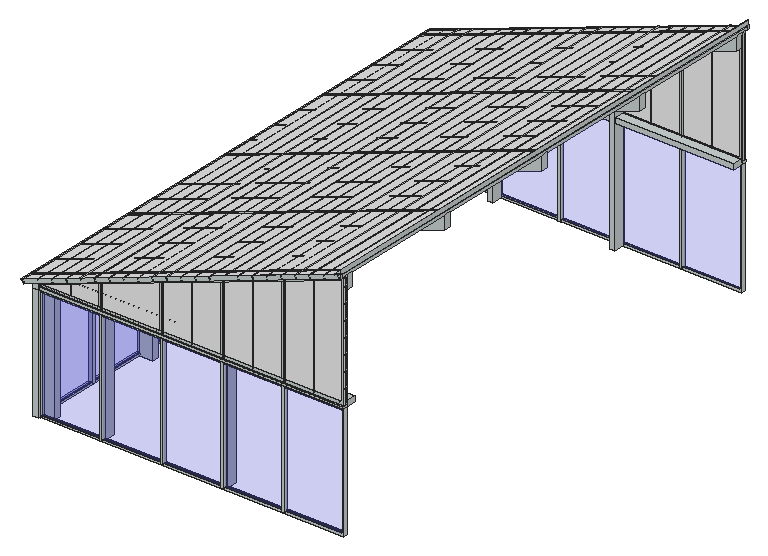
Revit family "Lean-To Shed Enclosure", category Generic Models, Revit 2018 (continued)
Definition of nested family "Lean-To Shed Enclosure Front Wall Panels"
  Dimensions and locks (in)
    aligned and locked: plane 12 "Max Top PD" to Sweep 3 sketch curve  (x11)
    aligned and locked: Sweep 4 sketch curve to plane 67
    aligned and locked: Sweep 4 sketch curve to plane 68
    aligned and locked: Sweep 4 sketch curve to plane 69
    aligned and locked: Sweep 4 sketch curve to plane 70
    aligned and locked: Sweep 4 sketch curve to plane 71
    aligned and locked: Sweep 4 sketch curve to plane 72
    aligned and locked: Sweep 4 sketch curve to plane 73
    aligned and locked: Sweep 4 sketch curve to plane 74
    aligned and locked: Sweep 4 sketch curve to plane 75
    aligned and locked: Sweep 4 sketch curve to plane 76
    aligned and locked: Sweep 4 sketch curve to plane 77
    aligned and locked: Sweep 4 sketch curve to plane 78
    aligned and locked: Sweep 4 sketch curve to plane 79
    aligned and locked: Sweep 4 sketch curve to plane 80
    aligned and locked: Sweep 4 sketch curve to plane 81
    aligned and locked: Sweep 4 sketch curve to plane 82
    aligned and locked: Sweep 4 sketch curve to plane 83
    aligned and locked: Sweep 4 sketch curve to plane 84
    aligned and locked: Sweep 4 sketch curve to plane 85
    aligned and locked: Sweep 4 sketch curve to plane 86
    aligned and locked: Sweep 4 sketch curve to plane 87
    aligned and locked: Sweep 4 sketch curve to plane 88
    aligned and locked: Sweep 4 sketch curve to plane 89
    aligned and locked: Sweep 4 sketch curve to plane 90
    aligned and locked: Sweep 4 sketch curve to plane 91
    aligned and locked: Sweep 4 sketch curve to plane 92
    aligned and locked: Sweep 4 sketch curve to plane 93
    aligned and locked: Sweep 4 sketch curve to plane 94
    aligned and locked: Sweep 4 sketch curve to plane 95
    aligned and locked: Sweep 4 sketch curve to plane 96
    aligned and locked: Sweep 4 sketch curve to plane 97
    aligned and locked: Sweep 4 sketch curve to plane 98
    aligned and locked: Sweep 4 sketch curve to plane 99
    aligned and locked: Sweep 4 sketch curve to plane 100
    aligned and locked: Sweep 4 sketch curve to plane 101
    aligned and locked: Sweep 3 sketch curve to plane 102
    aligned and locked: Sweep 3 sketch curve to plane 103
    aligned and locked: Sweep 3 sketch curve to plane 104
    aligned and locked: Sweep 3 sketch curve to plane 105
    aligned and locked: Sweep 3 sketch curve to plane 106
    aligned and locked: Sweep 3 sketch curve to plane 107
    aligned and locked: Sweep 3 sketch curve to plane 108
    aligned and locked: Sweep 3 sketch curve to plane 109
    aligned and locked: Sweep 3 sketch curve to plane 110
    aligned and locked: Sweep 3 sketch curve to plane 111
    aligned and locked: Sweep 3 sketch curve to plane 112
    aligned and locked: Sweep 3 sketch curve to plane 113
    aligned and locked: Sweep 3 sketch curve to plane 114
    aligned and locked: Sweep 3 sketch curve to plane 115
    aligned and locked: Sweep 3 sketch curve to plane 117
    aligned and locked: Sweep 3 sketch curve to plane 116
    aligned and locked: Sweep 3 sketch curve to plane 118
    aligned and locked: Sweep 3 sketch curve to plane 119
    aligned and locked: Sweep 3 sketch curve to plane 121
    aligned and locked: Sweep 3 sketch curve to plane 120
    aligned and locked: Sweep 3 sketch curve to plane 122
    aligned and locked: Sweep 3 sketch curve to plane 123
    aligned and locked: Sweep 3 sketch curve to plane 124
    aligned and locked: Sweep 3 sketch curve to plane 125
    aligned and locked: Sweep 4 sketch curve to plane 126
    aligned and locked: Sweep 4 sketch curve to plane 127
    aligned and locked: Sweep 4 sketch curve to plane 128
    aligned and locked: Sweep 4 sketch curve to plane 129
    aligned and locked: Sweep 4 sketch curve to plane 130
    aligned and locked: Sweep 4 sketch curve to plane 131
    aligned and locked: Sweep 4 sketch curve to plane 132
    aligned and locked: Sweep 4 sketch curve to plane 133
    aligned and locked: Sweep 4 sketch curve to plane 134
    aligned and locked: Sweep 4 sketch curve to plane 135
    aligned and locked: Sweep 4 sketch curve to plane 136
    aligned and locked: Sweep 4 sketch curve to plane 139
    aligned and locked: Sweep 4 sketch curve to plane 137
    aligned and locked: Sweep 4 sketch curve to plane 138
    aligned and locked: Sweep 4 sketch curve to plane 140
    aligned and locked: Sweep 4 sketch curve to plane 141
    aligned and locked: Sweep 4 sketch curve to plane 143
    aligned and locked: Sweep 4 sketch curve to plane 142
    aligned and locked: Sweep 4 sketch curve to plane 145
    aligned and locked: Sweep 4 sketch curve to plane 144
    aligned and locked: Sweep 4 sketch curve to plane 146
    aligned and locked: Sweep 4 sketch curve to plane 148
    aligned and locked: Sweep 4 sketch curve to plane 147
    aligned and locked: Sweep 4 sketch curve to plane 149
    aligned and locked: Sweep 4 sketch curve to plane 150
    aligned and locked: Sweep 4 sketch curve to plane 151
    aligned and locked: Sweep 4 sketch curve to plane 152
    aligned and locked: Sweep 4 sketch curve to plane 153
    aligned and locked: Sweep 4 sketch curve to plane 154
    aligned and locked: Sweep 4 sketch curve to plane 155
    aligned and locked: Sweep 4 sketch curve to plane 156
    aligned and locked: Sweep 4 sketch curve to plane 157
    aligned and locked: Sweep 4 sketch curve to plane 161
    aligned and locked: Sweep 4 sketch curve to plane 158
    aligned and locked: Sweep 4 sketch curve to plane 159
    aligned and locked: Sweep 4 sketch curve to plane 160
    aligned and locked: Sweep 3 sketch curve to plane 162
    aligned and locked: Sweep 3 sketch curve to plane 163
    aligned and locked: Sweep 3 sketch curve to plane 164
    aligned and locked: Sweep 3 sketch curve to plane 165
    aligned and locked: Sweep 3 sketch curve to plane 166
    aligned and locked: Sweep 3 sketch curve to plane 167
    aligned and locked: Sweep 3 sketch curve to plane 168
    aligned and locked: Sweep 3 sketch curve to plane 169
    aligned and locked: Sweep 3 sketch curve to plane 170
    aligned and locked: Sweep 3 sketch curve to plane 180
    aligned and locked: Sweep 3 sketch curve to plane 181
    aligned and locked: Sweep 3 sketch curve to plane 182
    aligned and locked: Sweep 3 sketch curve to plane 188
    aligned and locked: Sweep 3 sketch curve to plane 189
    aligned and locked: Sweep 3 sketch curve to plane 190
    aligned and locked: Sweep 3 sketch curve to plane 191
    aligned and locked: Sweep 3 sketch curve to plane 196
    aligned and locked: Sweep 3 sketch curve to plane 197
    aligned and locked: Sweep 3 sketch curve to plane 198
    aligned and locked: Sweep 3 sketch curve to plane 183
    aligned and locked: Sweep 3 sketch curve to plane 171
    aligned and locked: Sweep 3 sketch curve to plane 172
    aligned and locked: Sweep 3 sketch curve to plane 173
    aligned and locked: Sweep 3 sketch curve to plane 174
    aligned and locked: Sweep 3 sketch curve to plane 175
    aligned and locked: Sweep 3 sketch curve to plane 176
    aligned and locked: Sweep 3 sketch curve to plane 177
    aligned and locked: Sweep 3 sketch curve to plane 178
    aligned and locked: Sweep 3 sketch curve to plane 179
    aligned and locked: Sweep 3 sketch curve to plane 184
    aligned and locked: Sweep 3 sketch curve to plane 185
    aligned and locked: Sweep 3 sketch curve to plane 186
    aligned and locked: Sweep 3 sketch curve to plane 187
    aligned and locked: Sweep 3 sketch curve to plane 192
    aligned and locked: Sweep 3 sketch curve to plane 193
    aligned and locked: Sweep 3 sketch curve to plane 194
    aligned and locked: Sweep 3 sketch curve to plane 195
    aligned and locked: Sweep 3 sketch curve to plane 200
    aligned and locked: Sweep 3 sketch curve to plane 199
    aligned and locked: Sweep 3 sketch curve to plane 201
    aligned and locked: Extrusion 5 sketch curve to plane 202
    aligned and locked: Sweep 7 sketch curve to plane 13 "Max Left PD"
    aligned and locked: Sweep 7 sketch curve to plane 203
    aligned and locked: Sweep 7 sketch curve to plane 204
    aligned and locked: Sweep 7 sketch curve to plane 205
    aligned and locked: Sweep 7 sketch curve to plane 206
    aligned and locked: Sweep 7 sketch curve to plane 207
    aligned and locked: Sweep 7 sketch curve to plane 208
    aligned and locked: Sweep 7 sketch curve to plane 209
    aligned and locked: Sweep 7 sketch curve to plane 210
    aligned and locked: Sweep 7 sketch curve to plane 61 "Bot Max"  (x17)
    aligned and locked: Sweep 7 sketch curve to plane 12 "Max Top PD"  (x24)
    aligned and locked: Sweep 7 sketch curve to plane 59
    aligned and locked: plane 60 to Sweep 7 sketch curve
    aligned and locked: Sweep 7 sketch curve to plane 211
    aligned and locked: Sweep 7 sketch curve to plane 212
    aligned and locked: Sweep 7 sketch curve to plane 213
    aligned and locked: Sweep 7 sketch curve to plane 214
    aligned and locked: Sweep 7 sketch curve to plane 215
    aligned and locked: Sweep 7 sketch curve to plane 216
    aligned and locked: Sweep 7 sketch curve to plane 217
    aligned and locked: Sweep 7 sketch curve to plane 218
    aligned and locked: Sweep 7 sketch curve to plane 219
    aligned and locked: Sweep 7 sketch curve to plane 220
    aligned and locked: Sweep 7 sketch curve to plane 221
    aligned and locked: Sweep 7 sketch curve to plane 222
    aligned and locked: plane 61 "Bot Max" to Sweep 7 sketch curve  (x11)
    aligned and locked: Sweep 7 sketch curve to plane 223
    aligned and locked: Sweep 7 sketch curve to plane 224
    aligned and locked: Sweep 7 sketch curve to plane 225
    aligned and locked: Sweep 7 sketch curve to plane 226
    aligned and locked: Sweep 7 sketch curve to plane 227
    aligned and locked: Sweep 7 sketch curve to plane 14 "Max Right PD"
    aligned and locked: Sweep 7 sketch curve to plane 228
    aligned and locked: Extrusion 2 sketch curve to plane 1 "Center (Front/Back)"
    aligned and locked: Sweep 8 sketch curve to plane 1 "Center (Front/Back)"
    aligned and locked: Sweep 8 sketch curve to plane 202
    aligned and locked: Sweep 8 sketch curve to curve 1
    aligned and locked: Sweep 8 sketch curve to curve 2
    aligned and locked: Sweep 8 sketch curve to Sweep 8 sketch curve
    aligned and locked: Sweep 8 sketch curve to profile plane  (x2)
    aligned and locked: plane 8 to Sweep 8 sketch curve
    aligned and locked: Sweep 7 sketch curve to plane 191
    aligned and locked: plane 183 to Sweep 7 sketch curve
    aligned and locked: Sweep 7 sketch curve to plane 170
    aligned and locked: Sweep 7 sketch curve to plane 166
    aligned and locked: Sweep 7 sketch curve to plane 162
    aligned and locked: Sweep 7 sketch curve to plane 110
    aligned and locked: Sweep 7 sketch curve to plane 106
    aligned and locked: Sweep 7 sketch curve to plane 102
    aligned and locked: Sweep 7 sketch curve to plane 41
    aligned and locked: Sweep 7 sketch curve to plane 37
    aligned and locked: Sweep 7 sketch curve to plane 23
    aligned and locked: Sweep 7 sketch curve to plane 19
    aligned and locked: Sweep 7 sketch curve to plane 3 "Center (Left/Right)"
    aligned and locked: Sweep 7 sketch curve to plane 27
    aligned and locked: Sweep 7 sketch curve to plane 31
    aligned and locked: Sweep 7 sketch curve to plane 44
    aligned and locked: Sweep 7 sketch curve to plane 48
    aligned and locked: Sweep 7 sketch curve to plane 114
    aligned and locked: Sweep 7 sketch curve to plane 118
    aligned and locked: Sweep 7 sketch curve to plane 122
    aligned and locked: Sweep 7 sketch curve to plane 171
    aligned and locked: Sweep 7 sketch curve to plane 175
    aligned and locked: Sweep 7 sketch curve to plane 179
    aligned and locked: Sweep 7 sketch curve to plane 187
    aligned and locked: Sweep 7 sketch curve to plane 195
    aligned and locked: plane 12 "Max Top PD" to Sweep 7 sketch curve
  Automatic sketch dimensions
    Sweep 3 sketch curve to plane 111 = 0' - 0"
    plane 1 "Center (Front/Back)" to Extrusion 5 sketch curve = 0' - 1 3/4"  (x2)
    Sweep 7 sketch curve to plane 12 "Max Top PD" = 0' - 0"  (x2)
Definition of nested family "Lean-To Shed Enclosure Gable Glass"
  Parameters (values of type "Lean-To Shed Enclosure Gable Glass")
    Spacing [instance] = 4' - 0"
    Perimeter Width [instance] = 0' - 2 3/4"  # constant formula
    Mullion Width [instance] = 0' - 1 3/4"
    Low Height [instance] = 0' - 8"
    Overall Width [instance] = 25' - 10"
    Roof Pitch [instance] = 20.00°
    Glass Thickness [instance] = 0' - 0 5/8"  # constant formula
    Glass Offset [instance] = (Perimeter Width - Glass Thickness) / 2  # 0' - 1 1/16"
    Glass [instance] = none
    Default Elevation = 4' - 0"
    CRF [instance] = none
  Reference planes (in)
    plane 1 "Bottom Of Wall": y = 0
    plane 2 "In Perimeter": z = 0
    plane 3 "Right Side": x = 0
    plane 4 "Out Perimeter": z = 2.75
    plane 5: z = 1.0625
    plane 6: z = 1.6875
    plane 7 "Left Side": x = -310
    plane 8: y = 8
    plane 9: y = -48
    plane 10: y = -96
    plane 11: x = 48
    plane 12: y = 600
    plane 13: y = 648
    plane 14: x = -4000
    plane 15: x = -4048
    plane 16: x = -48
    plane 17: x = -96
    plane 18: x = -144
    plane 19: x = -192
    plane 20: x = -240
    plane 21: x = -288
    plane 22: x = -336
    plane 23: x = -384
    plane 24: x = -432
    plane 25: x = -480
    plane 26: x = -528
    plane 27: x = -576
    plane 28: x = -624
    plane 29: x = -672
    plane 30: x = -768
    plane 31: x = -864
    plane 32: x = -960
    plane 33: x = -1056
    plane 34: x = -1152
    plane 35: x = -1248
    plane 36: x = -1344
    plane 37: x = -1200
    plane 38: x = -1296
    plane 39: x = -1008
    plane 40: x = -1104
    plane 41: x = -912
    plane 42: x = -816
    plane 43: x = -720
    plane 44: x = -1392
    plane 45: x = -1440
    plane 46: x = -1488
    plane 47: x = -1584
    plane 48: x = -1632
    plane 49: x = -1536
    plane 50: x = -1728
    plane 51: x = -1680
    plane 52: x = -1776
    plane 53: x = -1824
    plane 54: x = -1920
    plane 55: x = -1872
    plane 56: x = -1968
    plane 57: x = -2016
    plane 58: x = -2064
    plane 59: x = -2112
    plane 60: x = -2208
    plane 61: x = -2160
    plane 62: x = -2256
    plane 63: x = -2304
    plane 64: x = -2352
    plane 65: x = -2400
    plane 66: x = -2448
    plane 67: x = -2496
    plane 68: x = -2544
    plane 69: x = -2640
    plane 70: x = -2736
    plane 71: x = -2688
    plane 72: x = -2592
    plane 73: x = -2784
    plane 74: z = 12
    plane 75: z = -12
  Forms (in)
    Sweep 1, solid, material <- "CRF"
      path origin (0, 0, 0) x (1, 0, 0) y (0, 1, 0)
        loop
          line (-48, -48) -> (-48, 600) -> (-96, 600) -> (-96, -48) -> (-144, -48) -> (-144, 600) -> (-192, 600) -> (-192, -48) -> (-240, -48) -> (-240, 600) -> (-288, 600) -> (-288, -48) -> (-336, -48) -> (-336, 600) -> (-384, 600) -> (-384, -48) -> (-432, -48) -> (-432, 600) -> (-480, 600) -> (-480, -48) -> (-528, -48) -> (-528, 600) -> (-576, 600) -> (-576, -48) -> (-624, -48) -> (-624, 600) -> (-672, 600) -> (-672, -48) -> (-720, -48) -> (-720, 600) -> (-768, 600) -> (-768, -48) -> (-816, -48) -> (-816, 600) -> (-864, 600) -> (-864, -48) -> (-912, -48) -> (-912, 600) -> (-960, 600) -> (-960, -48) -> (-1008, -48) -> (-1008, 600) -> (-1056, 600) -> (-1056, -48) -> (-1104, -48) -> (-1104, 600) -> (-1152, 600) -> (-1152, -48) -> (-1200, -48) -> (-1200, 600) -> (-1248, 600) -> (-1248, -48) -> (-1296, -48) -> (-1296, 600) -> (-1344, 600) -> (-1344, -48) -> (-1392, -48) -> (-1392, 600) -> (-1440, 600) -> (-1440, -48) -> (-1488, -48) -> (-1488, 600) -> (-1536, 600) -> (-1536, -48) -> (-1584, -48) -> (-1584, 600) -> (-1632, 600) -> (-1632, -48) -> (-1680, -48) -> (-1680, 600) -> (-1728, 600) -> (-1728, -48) -> (-1776, -48) -> (-1776, 600) -> (-1824, 600) -> (-1824, -48) -> (-1872, -48) -> (-1872, 600) -> (-1920, 600) -> (-1920, -48) -> (-1968, -48) -> (-1968, 600) -> (-2016, 600) -> (-2016, -48) -> (-2064, -48) -> (-2064, 600) -> (-2112, 600) -> (-2112, -48) -> (-2160, -48) -> (-2160, 600) -> (-2208, 600) -> (-2208, -48) -> (-2256, -48) -> (-2256, 600) -> (-2304, 600) -> (-2304, -48) -> (-2352, -48) -> (-2352, 600) -> (-2400, 600) -> (-2400, -48) -> (-2448, -48) -> (-2448, 600) -> (-2496, 600) -> (-2496, -48) -> (-2544, -48) -> (-2544, 600) -> (-2592, 600) -> (-2592, -48) -> (-2640, -48) -> (-2640, 600) -> (-2688, 600) -> (-2688, -48) -> (-2736, -48) -> (-2736, 600) -> (-2784, 600) -> (-2784, -48)
      profile origin (-48, 276, 0) x (-1, 0, 0) y (0, 0, 1)
        loop
          line (0.875, 0) -> (0.875, 2.75) -> (-0.875, 2.75) -> (-0.875, 0) -> (0.875, 0)
    Extrusion 2, solid, material <- "Glass"
      sketch origin (0, 0, 0) x (1, 0, 0) y (0, 1, 0)
        loop
          line (-4000, 600) -> (-4000, -48) -> (0, -48) -> (0, 600) -> (-4000, 600)
      from 1.0625 to 1.6875
    Extrusion 3, void
      sketch origin (0, 0, 0) x (1, 0, 0) y (0, 1, 0)
        loop
          line (48, -96) -> (48, 648) -> (-4048, 648) -> (-4048, -96) -> (48, -96)
        loop
          line (-310, 8) -> (-310, 0) -> (0, 0) -> (0, 120.83077) -> (-310, 8)
      from -12 to 12
    Sweep 4, solid, material <- "CRF"
      path origin (0, 0, 0) x (1, 0, 0) y (0, 1, 0)
        loop
          line (0, 120.83077) -> (-310, 8) -> (-310, 0) -> (0, 0) -> (0, 120.83077)
      profile origin (0, 60.41539, 0) x (1, 0, 0) y (0, 0, 1)
        loop
          line (0, 2.75) -> (-1.25, 2.75) -> (-1.25, 1.6875) -> (-0.5, 1.6875) -> (-0.5, 1.0625) -> (-1.25, 1.0625) -> (-1.25, 0) -> (0, 0) -> (0, 2.75)
  Cuts and joins
    Extrusion 3 cuts Sweep 1
    Extrusion 3 cuts Extrusion 2
  Lines and regions (in)
    reference lines
      curve 1: line (-310, 8, 0) -> (3117.99868, 1255.68948, 0)
  Dimensions and locks (in)
    plane 4 "Out Perimeter" to plane 2 "In Perimeter" = 0' - 2 3/4"
    "Glass Offset": plane 5 to plane 2 "In Perimeter"
    "Glass Offset": plane 6 to plane 4 "Out Perimeter"
    "Overall Width": plane 7 "Left Side" to plane 3 "Right Side"
    "Low Height": plane 1 "Bottom Of Wall" to plane 8
    locked: plane 8 to curve 1 at 0
    locked: plane 7 "Left Side" to curve 1 at 0
    locked: plane 1 "Bottom Of Wall" to plane 9 at 48
    locked: plane 9 to plane 10 at 48
    locked: plane 3 "Right Side" to plane 11 at 48
    locked: plane 1 "Bottom Of Wall" to plane 12 at 600
    locked: plane 13 to plane 12 at 48
    locked: plane 14 to plane 3 "Right Side" at 4000
    locked: plane 15 to plane 14 at 48
    "Spacing": plane 29 to plane 28 to plane 27 to plane 26 to plane 25 to plane 24 to plane 23 to plane 22 to plane 21 to plane 20 to plane 19 to plane 18 to plane 17 to plane 16 to plane 3 "Right Side"
    "Spacing": plane 48 to plane 47 to plane 49 to plane 46 to plane 45 to plane 44 to plane 36 to plane 38 to plane 35 to plane 37 to plane 34 to plane 40 to plane 33 to plane 39 to plane 32 to plane 41 to plane 31 to plane 42 to plane 30 to plane 43 to plane 29
    "Spacing": plane 62 to plane 60 to plane 61 to plane 59 to plane 58 to plane 57 to plane 56 to plane 54 to plane 55 to plane 53 to plane 52 to plane 50 to plane 51 to plane 48
    "Spacing": plane 73 to plane 70 to plane 71 to plane 69 to plane 72 to plane 68 to plane 67 to plane 66 to plane 65 to plane 64 to plane 63 to plane 62
    equal spacing: Sweep 1 sketch curve, profile plane, Sweep 1 sketch curve
    "Mullion Width": Sweep 1 sketch curve to Sweep 1 sketch curve
    locked: plane 2 "In Perimeter" to plane 75 at 12
    locked: plane 74 to plane 2 "In Perimeter" at 12
    locked: Sweep 4 sketch curve to profile plane at 1.25
    locked: Sweep 4 sketch curve to Sweep 4 sketch curve at 0.75
    "Roof Pitch": angle plane 1 "Bottom Of Wall" to curve 1
    aligned and locked: plane 2 "In Perimeter" to level
    aligned and locked: Sweep 1 sketch curve to plane 16
    aligned and locked: Sweep 1 sketch curve to plane 17
    aligned and locked: Sweep 1 sketch curve to plane 18
    aligned and locked: Sweep 1 sketch curve to plane 19
    aligned and locked: Sweep 1 sketch curve to plane 20
    aligned and locked: Sweep 1 sketch curve to plane 21
    aligned and locked: Sweep 1 sketch curve to plane 22
    aligned and locked: Sweep 1 sketch curve to plane 23
    aligned and locked: Sweep 1 sketch curve to plane 24
    aligned and locked: Sweep 1 sketch curve to plane 25
    aligned and locked: Sweep 1 sketch curve to plane 26
    aligned and locked: Sweep 1 sketch curve to plane 27
    aligned and locked: Sweep 1 sketch curve to plane 28
    aligned and locked: Sweep 1 sketch curve to plane 29
    aligned and locked: Sweep 1 sketch curve to plane 43
    aligned and locked: Sweep 1 sketch curve to plane 30
    aligned and locked: Sweep 1 sketch curve to plane 42
    aligned and locked: Sweep 1 sketch curve to plane 31
    aligned and locked: Sweep 1 sketch curve to plane 41
    aligned and locked: Sweep 1 sketch curve to plane 32
    aligned and locked: Sweep 1 sketch curve to plane 39
    aligned and locked: Sweep 1 sketch curve to plane 33
    aligned and locked: Sweep 1 sketch curve to plane 40
    aligned and locked: Sweep 1 sketch curve to plane 34
    aligned and locked: Sweep 1 sketch curve to plane 37
    aligned and locked: Sweep 1 sketch curve to plane 35
    aligned and locked: Sweep 1 sketch curve to plane 38
    aligned and locked: Sweep 1 sketch curve to plane 36
    aligned and locked: Sweep 1 sketch curve to plane 44
    aligned and locked: Sweep 1 sketch curve to plane 45
    aligned and locked: Sweep 1 sketch curve to plane 46
    aligned and locked: Sweep 1 sketch curve to plane 49
    aligned and locked: Sweep 1 sketch curve to plane 47
    aligned and locked: Sweep 1 sketch curve to plane 48
    aligned and locked: Sweep 1 sketch curve to plane 51
    aligned and locked: Sweep 1 sketch curve to plane 50
    aligned and locked: Sweep 1 sketch curve to plane 52
    aligned and locked: Sweep 1 sketch curve to plane 53
    aligned and locked: Sweep 1 sketch curve to plane 55
    aligned and locked: Sweep 1 sketch curve to plane 54
    aligned and locked: Sweep 1 sketch curve to plane 56
    aligned and locked: Sweep 1 sketch curve to plane 57
    aligned and locked: Sweep 1 sketch curve to plane 58
    aligned and locked: Sweep 1 sketch curve to plane 59
    aligned and locked: Sweep 1 sketch curve to plane 61
    aligned and locked: Sweep 1 sketch curve to plane 60
    aligned and locked: Sweep 1 sketch curve to plane 62
    aligned and locked: Sweep 1 sketch curve to plane 63
    aligned and locked: Sweep 1 sketch curve to plane 64
    aligned and locked: Sweep 1 sketch curve to plane 65
    aligned and locked: Sweep 1 sketch curve to plane 66
    aligned and locked: Sweep 1 sketch curve to plane 67
    aligned and locked: Sweep 1 sketch curve to plane 68
    aligned and locked: Sweep 1 sketch curve to plane 72
    aligned and locked: Sweep 1 sketch curve to plane 69
    aligned and locked: Sweep 1 sketch curve to plane 71
    aligned and locked: Sweep 1 sketch curve to plane 70
    aligned and locked: Sweep 1 sketch curve to plane 73
    aligned and locked: plane 9 to Sweep 1 sketch curve  (x30)
    aligned and locked: plane 12 to Sweep 1 sketch curve  (x29)
    aligned and locked: profile plane to Sweep 1 sketch curve
    aligned and locked: plane 4 "Out Perimeter" to Sweep 1 sketch curve
    aligned and locked: Extrusion 2 sketch curve to plane 14
    aligned and locked: Extrusion 2 sketch curve to plane 12
    aligned and locked: plane 9 to Extrusion 2 sketch curve
    aligned and locked: Extrusion 2 sketch curve to plane 3 "Right Side"
    aligned and locked: Extrusion 2 to plane 5
    aligned and locked: Extrusion 2 to plane 6
    aligned and locked: Extrusion 3 sketch curve to plane 11
    aligned and locked: Extrusion 3 sketch curve to plane 10
    aligned and locked: Extrusion 3 sketch curve to plane 13
    aligned and locked: Extrusion 3 sketch curve to plane 15
    aligned and locked: Extrusion 3 sketch curve to curve 1
    aligned and locked: Extrusion 3 sketch curve to plane 7 "Left Side"
    aligned and locked: Extrusion 3 sketch curve to plane 1 "Bottom Of Wall"
    aligned and locked: Extrusion 3 sketch curve to plane 3 "Right Side"
    aligned and locked: plane 74 to Extrusion 3
    aligned and locked: Extrusion 3 to plane 75
    aligned and locked: Sweep 4 sketch curve to plane 3 "Right Side"
    aligned and locked: Sweep 4 sketch curve to plane 1 "Bottom Of Wall"
    aligned and locked: Sweep 4 sketch curve to plane 7 "Left Side"
    aligned and locked: Sweep 4 sketch curve to curve 1
    aligned and locked: profile plane to Sweep 4 sketch curve  (x2)
    aligned and locked: Sweep 4 sketch curve to plane 4 "Out Perimeter"
    aligned and locked: Sweep 4 sketch curve to plane 6
    aligned and locked: Sweep 4 sketch curve to plane 5
    aligned and locked: Sweep 4 sketch curve to Sweep 4 sketch curve
Definition of nested family "Lean-To Shed Enclosure Endwall Glass"
  Parameters (values of type "Lean-To Shed Enclosure Endwall Glass")
    Spacing [instance] = 4' - 0"
    Perimeter Width [instance] = 0' - 2 3/4"  # constant formula
    Mullion Width [instance] = 0' - 1 3/4"
    Low Height [instance] = 0' - 8"
    Overall Width [instance] = 25' - 10"
    Roof Pitch [instance] = 20.00°
    Glass Thickness [instance] = 0' - 0 5/8"  # constant formula
    Glass Offset [instance] = (Perimeter Width - Glass Thickness) / 2  # 0' - 1 1/16"
    Glass [instance] = none
    Default Elevation = 4' - 0"
    CRF [instance] = none
  Reference planes (in)
    plane 1 "Bottom Of Wall": y = 0
    plane 2 "In Perimeter": z = 0
    plane 3 "Right Side": x = 0
    plane 4 "Out Perimeter": z = 2.75
    plane 5: z = 1.0625
    plane 6: z = 1.6875
    plane 7 "Left Side": x = -310
    plane 8: y = 8
    plane 9: y = -48
    plane 10: y = -96
    plane 11: x = 48
    plane 12: y = 600
    plane 13: y = 648
    plane 14: x = -4000
    plane 15: x = -4048
    plane 16: x = -48
    plane 17: x = -96
    plane 18: x = -144
    plane 19: x = -192
    plane 20: x = -240
    plane 21: x = -288
    plane 22: x = -336
    plane 23: x = -384
    plane 24: x = -432
    plane 25: x = -480
    plane 26: x = -528
    plane 27: x = -576
    plane 28: x = -624
    plane 29: x = -672
    plane 30: x = -768
    plane 31: x = -864
    plane 32: x = -960
    plane 33: x = -1056
    plane 34: x = -1152
    plane 35: x = -1248
    plane 36: x = -1344
    plane 37: x = -1200
    plane 38: x = -1296
    plane 39: x = -1008
    plane 40: x = -1104
    plane 41: x = -912
    plane 42: x = -816
    plane 43: x = -720
    plane 44: x = -1392
    plane 45: x = -1440
    plane 46: x = -1488
    plane 47: x = -1584
    plane 48: x = -1632
    plane 49: x = -1536
    plane 50: x = -1728
    plane 51: x = -1680
    plane 52: x = -1776
    plane 53: x = -1824
    plane 54: x = -1920
    plane 55: x = -1872
    plane 56: x = -1968
    plane 57: x = -2016
    plane 58: x = -2064
    plane 59: x = -2112
    plane 60: x = -2208
    plane 61: x = -2160
    plane 62: x = -2256
    plane 63: x = -2304
    plane 64: x = -2352
    plane 65: x = -2400
    plane 66: x = -2448
    plane 67: x = -2496
    plane 68: x = -2544
    plane 69: x = -2640
    plane 70: x = -2736
    plane 71: x = -2688
    plane 72: x = -2592
    plane 73: x = -2784
    plane 74: z = 12
    plane 75: z = -12
  Forms (in)
    Sweep 1, solid, material <- "CRF"
      path origin (0, 0, 0) x (1, 0, 0) y (0, 1, 0)
        loop
          line (-48, -48) -> (-48, 600) -> (-96, 600) -> (-96, -48) -> (-144, -48) -> (-144, 600) -> (-192, 600) -> (-192, -48) -> (-240, -48) -> (-240, 600) -> (-288, 600) -> (-288, -48) -> (-336, -48) -> (-336, 600) -> (-384, 600) -> (-384, -48) -> (-432, -48) -> (-432, 600) -> (-480, 600) -> (-480, -48) -> (-528, -48) -> (-528, 600) -> (-576, 600) -> (-576, -48) -> (-624, -48) -> (-624, 600) -> (-672, 600) -> (-672, -48) -> (-720, -48) -> (-720, 600) -> (-768, 600) -> (-768, -48) -> (-816, -48) -> (-816, 600) -> (-864, 600) -> (-864, -48) -> (-912, -48) -> (-912, 600) -> (-960, 600) -> (-960, -48) -> (-1008, -48) -> (-1008, 600) -> (-1056, 600) -> (-1056, -48) -> (-1104, -48) -> (-1104, 600) -> (-1152, 600) -> (-1152, -48) -> (-1200, -48) -> (-1200, 600) -> (-1248, 600) -> (-1248, -48) -> (-1296, -48) -> (-1296, 600) -> (-1344, 600) -> (-1344, -48) -> (-1392, -48) -> (-1392, 600) -> (-1440, 600) -> (-1440, -48) -> (-1488, -48) -> (-1488, 600) -> (-1536, 600) -> (-1536, -48) -> (-1584, -48) -> (-1584, 600) -> (-1632, 600) -> (-1632, -48) -> (-1680, -48) -> (-1680, 600) -> (-1728, 600) -> (-1728, -48) -> (-1776, -48) -> (-1776, 600) -> (-1824, 600) -> (-1824, -48) -> (-1872, -48) -> (-1872, 600) -> (-1920, 600) -> (-1920, -48) -> (-1968, -48) -> (-1968, 600) -> (-2016, 600) -> (-2016, -48) -> (-2064, -48) -> (-2064, 600) -> (-2112, 600) -> (-2112, -48) -> (-2160, -48) -> (-2160, 600) -> (-2208, 600) -> (-2208, -48) -> (-2256, -48) -> (-2256, 600) -> (-2304, 600) -> (-2304, -48) -> (-2352, -48) -> (-2352, 600) -> (-2400, 600) -> (-2400, -48) -> (-2448, -48) -> (-2448, 600) -> (-2496, 600) -> (-2496, -48) -> (-2544, -48) -> (-2544, 600) -> (-2592, 600) -> (-2592, -48) -> (-2640, -48) -> (-2640, 600) -> (-2688, 600) -> (-2688, -48) -> (-2736, -48) -> (-2736, 600) -> (-2784, 600) -> (-2784, -48)
      profile origin (-48, 276, 0) x (-1, 0, 0) y (0, 0, 1)
        loop
          line (0.875, 0) -> (0.875, 2.75) -> (-0.875, 2.75) -> (-0.875, 0) -> (0.875, 0)
    Extrusion 2, solid, material <- "Glass"
      sketch origin (0, 0, 0) x (1, 0, 0) y (0, 1, 0)
        loop
          line (-4000, 600) -> (-4000, -48) -> (0, -48) -> (0, 600) -> (-4000, 600)
      from 1.0625 to 1.6875
    Extrusion 3, void
      sketch origin (0, 0, 0) x (1, 0, 0) y (0, 1, 0)
        loop
          line (48, -96) -> (48, 648) -> (-4048, 648) -> (-4048, -96) -> (48, -96)
        loop
          line (-310, 8) -> (-310, 0) -> (0, 0) -> (0, 120.83077) -> (-310, 8)
      from -12 to 12
    Sweep 4, solid, material <- "CRF"
      path origin (0, 0, 0) x (1, 0, 0) y (0, 1, 0)
        loop
          line (0, 120.83077) -> (-310, 8) -> (-310, 0) -> (0, 0) -> (0, 120.83077)
      profile origin (0, 60.41539, 0) x (1, 0, 0) y (0, 0, 1)
        loop
          line (0, 2.75) -> (-1.25, 2.75) -> (-1.25, 1.6875) -> (-0.5, 1.6875) -> (-0.5, 1.0625) -> (-1.25, 1.0625) -> (-1.25, 0) -> (0, 0) -> (0, 2.75)
  Cuts and joins
    Extrusion 3 cuts Sweep 1
    Extrusion 3 cuts Extrusion 2
  Lines and regions (in)
    reference lines
      curve 1: line (-310, 8, 0) -> (3117.99868, 1255.68948, 0)
  Dimensions and locks (in)
    plane 4 "Out Perimeter" to plane 2 "In Perimeter" = 0' - 2 3/4"
    "Glass Offset": plane 5 to plane 2 "In Perimeter"
    "Glass Offset": plane 6 to plane 4 "Out Perimeter"
    "Overall Width": plane 7 "Left Side" to plane 3 "Right Side"
    "Low Height": plane 1 "Bottom Of Wall" to plane 8
    locked: plane 8 to curve 1 at 0
    locked: plane 7 "Left Side" to curve 1 at 0
    locked: plane 1 "Bottom Of Wall" to plane 9 at 48
    locked: plane 9 to plane 10 at 48
    locked: plane 3 "Right Side" to plane 11 at 48
    locked: plane 1 "Bottom Of Wall" to plane 12 at 600
    locked: plane 13 to plane 12 at 48
    locked: plane 14 to plane 3 "Right Side" at 4000
    locked: plane 15 to plane 14 at 48
    "Spacing": plane 29 to plane 28 to plane 27 to plane 26 to plane 25 to plane 24 to plane 23 to plane 22 to plane 21 to plane 20 to plane 19 to plane 18 to plane 17 to plane 16 to plane 3 "Right Side"
    "Spacing": plane 48 to plane 47 to plane 49 to plane 46 to plane 45 to plane 44 to plane 36 to plane 38 to plane 35 to plane 37 to plane 34 to plane 40 to plane 33 to plane 39 to plane 32 to plane 41 to plane 31 to plane 42 to plane 30 to plane 43 to plane 29
    "Spacing": plane 62 to plane 60 to plane 61 to plane 59 to plane 58 to plane 57 to plane 56 to plane 54 to plane 55 to plane 53 to plane 52 to plane 50 to plane 51 to plane 48
    "Spacing": plane 73 to plane 70 to plane 71 to plane 69 to plane 72 to plane 68 to plane 67 to plane 66 to plane 65 to plane 64 to plane 63 to plane 62
    equal spacing: Sweep 1 sketch curve, profile plane, Sweep 1 sketch curve
    "Mullion Width": Sweep 1 sketch curve to Sweep 1 sketch curve
    locked: plane 2 "In Perimeter" to plane 75 at 12
    locked: plane 74 to plane 2 "In Perimeter" at 12
    locked: Sweep 4 sketch curve to profile plane at 1.25
    locked: Sweep 4 sketch curve to Sweep 4 sketch curve at 0.75
    "Roof Pitch": angle plane 1 "Bottom Of Wall" to curve 1
    aligned and locked: plane 2 "In Perimeter" to level
    aligned and locked: Sweep 1 sketch curve to plane 16
    aligned and locked: Sweep 1 sketch curve to plane 17
    aligned and locked: Sweep 1 sketch curve to plane 18
    aligned and locked: Sweep 1 sketch curve to plane 19
    aligned and locked: Sweep 1 sketch curve to plane 20
    aligned and locked: Sweep 1 sketch curve to plane 21
    aligned and locked: Sweep 1 sketch curve to plane 22
    aligned and locked: Sweep 1 sketch curve to plane 23
    aligned and locked: Sweep 1 sketch curve to plane 24
    aligned and locked: Sweep 1 sketch curve to plane 25
    aligned and locked: Sweep 1 sketch curve to plane 26
    aligned and locked: Sweep 1 sketch curve to plane 27
    aligned and locked: Sweep 1 sketch curve to plane 28
    aligned and locked: Sweep 1 sketch curve to plane 29
    aligned and locked: Sweep 1 sketch curve to plane 43
    aligned and locked: Sweep 1 sketch curve to plane 30
    aligned and locked: Sweep 1 sketch curve to plane 42
    aligned and locked: Sweep 1 sketch curve to plane 31
    aligned and locked: Sweep 1 sketch curve to plane 41
    aligned and locked: Sweep 1 sketch curve to plane 32
    aligned and locked: Sweep 1 sketch curve to plane 39
    aligned and locked: Sweep 1 sketch curve to plane 33
    aligned and locked: Sweep 1 sketch curve to plane 40
    aligned and locked: Sweep 1 sketch curve to plane 34
    aligned and locked: Sweep 1 sketch curve to plane 37
    aligned and locked: Sweep 1 sketch curve to plane 35
    aligned and locked: Sweep 1 sketch curve to plane 38
    aligned and locked: Sweep 1 sketch curve to plane 36
    aligned and locked: Sweep 1 sketch curve to plane 44
    aligned and locked: Sweep 1 sketch curve to plane 45
    aligned and locked: Sweep 1 sketch curve to plane 46
    aligned and locked: Sweep 1 sketch curve to plane 49
    aligned and locked: Sweep 1 sketch curve to plane 47
    aligned and locked: Sweep 1 sketch curve to plane 48
    aligned and locked: Sweep 1 sketch curve to plane 51
    aligned and locked: Sweep 1 sketch curve to plane 50
    aligned and locked: Sweep 1 sketch curve to plane 52
    aligned and locked: Sweep 1 sketch curve to plane 53
    aligned and locked: Sweep 1 sketch curve to plane 55
    aligned and locked: Sweep 1 sketch curve to plane 54
    aligned and locked: Sweep 1 sketch curve to plane 56
    aligned and locked: Sweep 1 sketch curve to plane 57
    aligned and locked: Sweep 1 sketch curve to plane 58
    aligned and locked: Sweep 1 sketch curve to plane 59
    aligned and locked: Sweep 1 sketch curve to plane 61
    aligned and locked: Sweep 1 sketch curve to plane 60
    aligned and locked: Sweep 1 sketch curve to plane 62
    aligned and locked: Sweep 1 sketch curve to plane 63
    aligned and locked: Sweep 1 sketch curve to plane 64
    aligned and locked: Sweep 1 sketch curve to plane 65
    aligned and locked: Sweep 1 sketch curve to plane 66
    aligned and locked: Sweep 1 sketch curve to plane 67
    aligned and locked: Sweep 1 sketch curve to plane 68
    aligned and locked: Sweep 1 sketch curve to plane 72
    aligned and locked: Sweep 1 sketch curve to plane 69
    aligned and locked: Sweep 1 sketch curve to plane 71
    aligned and locked: Sweep 1 sketch curve to plane 70
    aligned and locked: Sweep 1 sketch curve to plane 73
    aligned and locked: plane 9 to Sweep 1 sketch curve  (x30)
    aligned and locked: plane 12 to Sweep 1 sketch curve  (x29)
    aligned and locked: profile plane to Sweep 1 sketch curve
    aligned and locked: plane 4 "Out Perimeter" to Sweep 1 sketch curve
    aligned and locked: Extrusion 2 sketch curve to plane 14
    aligned and locked: Extrusion 2 sketch curve to plane 12
    aligned and locked: plane 9 to Extrusion 2 sketch curve
    aligned and locked: Extrusion 2 sketch curve to plane 3 "Right Side"
    aligned and locked: Extrusion 2 to plane 5
    aligned and locked: Extrusion 2 to plane 6
    aligned and locked: Extrusion 3 sketch curve to plane 11
    aligned and locked: Extrusion 3 sketch curve to plane 10
    aligned and locked: Extrusion 3 sketch curve to plane 13
    aligned and locked: Extrusion 3 sketch curve to plane 15
    aligned and locked: Extrusion 3 sketch curve to curve 1
    aligned and locked: Extrusion 3 sketch curve to plane 7 "Left Side"
    aligned and locked: Extrusion 3 sketch curve to plane 1 "Bottom Of Wall"
    aligned and locked: Extrusion 3 sketch curve to plane 3 "Right Side"
    aligned and locked: plane 74 to Extrusion 3
    aligned and locked: Extrusion 3 to plane 75
    aligned and locked: Sweep 4 sketch curve to plane 3 "Right Side"
    aligned and locked: Sweep 4 sketch curve to plane 1 "Bottom Of Wall"
    aligned and locked: Sweep 4 sketch curve to plane 7 "Left Side"
    aligned and locked: Sweep 4 sketch curve to curve 1
    aligned and locked: profile plane to Sweep 4 sketch curve  (x2)
    aligned and locked: Sweep 4 sketch curve to plane 4 "Out Perimeter"
    aligned and locked: Sweep 4 sketch curve to plane 6
    aligned and locked: Sweep 4 sketch curve to plane 5
    aligned and locked: Sweep 4 sketch curve to Sweep 4 sketch curve
Definition of nested family "Lean-To Shed Enclosure Front Wall Glass"
  Parameters (values of type "Lean-To Shed Enclosure Front Wall Glass")
    Spacing [instance] = 4' - 0"
    Perimeter Width [instance] = 0' - 2 3/4"  # constant formula
    Mullion Width [instance] = 0' - 1 3/4"
    Mullion Offset [instance] = 0' - 0"
    Overall Height [instance] = 8' - 0"
    Overall Width [instance] = 25' - 10"
    Glass Thickness [instance] = 0' - 0 5/8"  # constant formula
    Glass Offset [instance] = (Perimeter Width - Glass Thickness) / 2  # 0' - 1 1/16"
    Glass [instance] = none
    Default Elevation = 4' - 0"
    CRF [instance] = none
  Reference planes (in)
    plane 1 "Bottom Of Wall": y = 0
    plane 2 "In Perimeter": z = 0
    plane 3 "Right Side": x = 0
    plane 4 "Out Perimeter": z = 2.75
    plane 5: z = 1.0625
    plane 6: z = 1.6875
    plane 7: y = 96
    plane 8: y = -48
    plane 9: y = -96
    plane 10: y = 600
    plane 11: y = 648
    plane 12: x = -3000
    plane 13: x = -3048
    plane 14: x = 1344
    plane 15: x = 1296
    plane 16: x = 1248
    plane 17: x = 1200
    plane 18: x = 1152
    plane 19: x = 1104
    plane 20: x = 1056
    plane 21: x = 1008
    plane 22: x = 960
    plane 23: x = 912
    plane 24: x = 864
    plane 25: x = 816
    plane 26: x = 768
    plane 27: x = 720
    plane 28: x = 624
    plane 29: x = 528
    plane 30: x = 432
    plane 31: x = 336
    plane 32: x = 240
    plane 33: x = 144
    plane 34: x = 48
    plane 35: x = 192
    plane 36: x = 96
    plane 37: x = 384
    plane 38: x = 288
    plane 39: x = 480
    plane 40: x = 576
    plane 41: x = 672
    plane 42: x = 0
    plane 43: x = -48
    plane 44: x = -96
    plane 45: x = -192
    plane 46: x = -240
    plane 47: x = -144
    plane 48: x = -336
    plane 49: x = -288
    plane 50: x = -384
    plane 51: x = -432
    plane 52: x = -528
    plane 53: x = -480
    plane 54: x = -576
    plane 55: x = -624
    plane 56: x = -672
    plane 57: x = -720
    plane 58: x = -816
    plane 59: x = -768
    plane 60: x = -864
    plane 61: x = -912
    plane 62: x = -960
    plane 63: x = -1008
    plane 64: x = -1056
    plane 65: x = -1104
    plane 66: x = -1152
    plane 67: x = -1248
    plane 68: x = -1344
    plane 69: x = -1296
    plane 70: x = -1200
    plane 71: x = -1392
    plane 72: z = 12
    plane 73: z = -12
    plane 74: x = 3000
    plane 75: x = 3048
    plane 76: x = 1392
    plane 77: x = 1440
    plane 78: x = -1488
    plane 79: x = -1440
    plane 80: x = 1488
    plane 81: x = -155
    plane 82: x = 155
    plane 83 "Top Of Wall": y = 96
  Forms (in)
    Sweep 1, solid, material <- "CRF"
      path origin (0, 0, 0) x (1, 0, 0) y (0, 1, 0)
        loop
          line (-1488, -48) -> (-1488, 600) -> (-1440, 600) -> (-1440, -48) -> (-1392, -48) -> (-1392, 600) -> (-1344, 600) -> (-1344, -48) -> (-1296, -48) -> (-1296, 600) -> (-1248, 600) -> (-1248, -48) -> (-1200, -48) -> (-1200, 600) -> (-1152, 600) -> (-1152, -48) -> (-1104, -48) -> (-1104, 600) -> (-1056, 600) -> (-1056, -48) -> (-1008, -48) -> (-1008, 600) -> (-960, 600) -> (-960, -48) -> (-912, -48) -> (-912, 600) -> (-864, 600) -> (-864, -48) -> (-816, -48) -> (-816, 600) -> (-768, 600) -> (-768, -48) -> (-720, -48) -> (-720, 600) -> (-672, 600) -> (-672, -48) -> (-624, -48) -> (-624, 600) -> (-576, 600) -> (-576, -48) -> (-528, -48) -> (-528, 600) -> (-480, 600) -> (-480, -48) -> (-432, -48) -> (-432, 600) -> (-384, 600) -> (-384, -48) -> (-336, -48) -> (-336, 600) -> (-288, 600) -> (-288, -48) -> (-240, -48) -> (-240, 600) -> (-192, 600) -> (-192, -48) -> (-144, -48) -> (-144, 600) -> (-96, 600) -> (-96, -48) -> (-48, -48) -> (-48, 600) -> (0, 600) -> (0, -48) -> (48, -48) -> (48, 600) -> (96, 600) -> (96, -48) -> (144, -48) -> (144, 600) -> (192, 600) -> (192, -48) -> (240, -48) -> (240, 600) -> (288, 600) -> (288, -48) -> (336, -48) -> (336, 600) -> (384, 600) -> (384, -48) -> (432, -48) -> (432, 600) -> (480, 600) -> (480, -48) -> (528, -48) -> (528, 600) -> (576, 600) -> (576, -48) -> (624, -48) -> (624, 600) -> (672, 600) -> (672, -48) -> (720, -48) -> (720, 600) -> (768, 600) -> (768, -48) -> (816, -48) -> (816, 600) -> (864, 600) -> (864, -48) -> (912, -48) -> (912, 600) -> (960, 600) -> (960, -48) -> (1008, -48) -> (1008, 600) -> (1056, 600) -> (1056, -48) -> (1104, -48) -> (1104, 600) -> (1152, 600) -> (1152, -48) -> (1200, -48) -> (1200, 600) -> (1248, 600) -> (1248, -48) -> (1296, -48) -> (1296, 600) -> (1344, 600) -> (1344, -48) -> (1392, -48) -> (1392, 600) -> (1440, 600) -> (1440, -48) -> (1488, -48) -> (1488, 600)
      profile origin (1488, 276, 0) x (-1, 0, 0) y (0, 0, 1)
        loop
          line (0.875, 0) -> (0.875, 2.75) -> (-0.875, 2.75) -> (-0.875, 0) -> (0.875, 0)
    Extrusion 2, solid, material <- "Glass"
      sketch origin (0, 0, 0) x (1, 0, 0) y (0, 1, 0)
        loop
          line (-3000, 600) -> (-3000, -48) -> (3000, -48) -> (3000, 600) -> (-3000, 600)
      from 1.0625 to 1.6875
    Extrusion 3, void
      sketch origin (0, 0, 0) x (1, 0, 0) y (0, 1, 0)
        loop
          line (-3048, 648) -> (-3048, -96) -> (3048, -96) -> (3048, 648) -> (-3048, 648)
        loop
          line (-155, 0) -> (155, 0) -> (155, 96) -> (-155, 96) -> (-155, 0)
      from -12 to 12
    Sweep 4, solid, material <- "CRF"
      path origin (0, 0, 0) x (1, 0, 0) y (0, 1, 0)
        loop
          line (155, 0) -> (155, 96) -> (-155, 96) -> (-155, 0) -> (155, 0)
      profile origin (0, 0, 0) x (0, -1, 0) y (0, 0, 1)
        loop
          line (0, 2.75) -> (-1.25, 2.75) -> (-1.25, 1.6875) -> (-0.5, 1.6875) -> (-0.5, 1.0625) -> (-1.25, 1.0625) -> (-1.25, 0) -> (0, 0) -> (0, 2.75)
  Cuts and joins
    Extrusion 3 cuts Sweep 1
    Extrusion 3 cuts Extrusion 2
  Dimensions and locks (in)
    plane 4 "Out Perimeter" to plane 2 "In Perimeter" = 0' - 2 3/4"
    "Glass Offset": plane 5 to plane 2 "In Perimeter"
    "Glass Offset": plane 6 to plane 4 "Out Perimeter"
    "Overall Height": plane 1 "Bottom Of Wall" to plane 7
    locked: plane 1 "Bottom Of Wall" to plane 8 at 48
    locked: plane 8 to plane 9 at 48
    locked: plane 1 "Bottom Of Wall" to plane 10 at 600
    locked: plane 11 to plane 10 at 48
    locked: plane 12 to plane 3 "Right Side" at 3000
    locked: plane 13 to plane 12 at 48
    "Spacing": plane 46 to plane 45 to plane 47 to plane 44 to plane 43 to plane 42 to plane 34 to plane 36 to plane 33 to plane 35 to plane 32 to plane 38 to plane 31 to plane 37 to plane 30 to plane 39 to plane 29 to plane 40 to plane 28 to plane 41 to plane 27
    "Spacing": plane 60 to plane 58 to plane 59 to plane 57 to plane 56 to plane 55 to plane 54 to plane 52 to plane 53 to plane 51 to plane 50 to plane 48 to plane 49 to plane 46
    "Spacing": plane 71 to plane 68 to plane 69 to plane 67 to plane 70 to plane 66 to plane 65 to plane 64 to plane 63 to plane 62 to plane 61 to plane 60
    equal spacing: Sweep 1 sketch curve, profile plane, Sweep 1 sketch curve
    "Mullion Width": Sweep 1 sketch curve to Sweep 1 sketch curve
    locked: plane 2 "In Perimeter" to plane 73 at 12
    locked: plane 72 to plane 2 "In Perimeter" at 12
    locked: plane 74 to plane 75 at 48
    locked: plane 3 "Right Side" to plane 74 at 3000
    "Spacing": plane 27 to plane 26 to plane 25 to plane 24 to plane 23 to plane 22 to plane 21 to plane 20 to plane 19 to plane 18 to plane 17 to plane 16 to plane 15 to plane 14
    "Mullion Offset": plane 3 "Right Side" to plane 42
    "Spacing": plane 78 to plane 79 to plane 71
    "Spacing": plane 14 to plane 76 to plane 77 to plane 80
    "Overall Height": plane 1 "Bottom Of Wall" to plane 83 "Top Of Wall"
    equal spacing: plane 81, plane 3 "Right Side", plane 82
    "Overall Width": plane 81 to plane 82
    locked: Sweep 4 sketch curve to profile plane at 1.25
    locked: Sweep 4 sketch curve to Sweep 4 sketch curve at 0.75
    aligned and locked: plane 2 "In Perimeter" to level
    aligned and locked: Sweep 1 sketch curve to plane 15
    aligned and locked: Sweep 1 sketch curve to plane 16
    aligned and locked: Sweep 1 sketch curve to plane 17
    aligned and locked: Sweep 1 sketch curve to plane 18
    aligned and locked: Sweep 1 sketch curve to plane 19
    aligned and locked: Sweep 1 sketch curve to plane 20
    aligned and locked: Sweep 1 sketch curve to plane 21
    aligned and locked: Sweep 1 sketch curve to plane 22
    aligned and locked: Sweep 1 sketch curve to plane 23
    aligned and locked: Sweep 1 sketch curve to plane 24
    aligned and locked: Sweep 1 sketch curve to plane 25
    aligned and locked: Sweep 1 sketch curve to plane 26
    aligned and locked: Sweep 1 sketch curve to plane 27
    aligned and locked: Sweep 1 sketch curve to plane 41
    aligned and locked: Sweep 1 sketch curve to plane 28
    aligned and locked: Sweep 1 sketch curve to plane 40
    aligned and locked: Sweep 1 sketch curve to plane 29
    aligned and locked: Sweep 1 sketch curve to plane 39
    aligned and locked: Sweep 1 sketch curve to plane 30
    aligned and locked: Sweep 1 sketch curve to plane 37
    aligned and locked: Sweep 1 sketch curve to plane 31
    aligned and locked: Sweep 1 sketch curve to plane 38
    aligned and locked: Sweep 1 sketch curve to plane 32
    aligned and locked: Sweep 1 sketch curve to plane 35
    aligned and locked: Sweep 1 sketch curve to plane 33
    aligned and locked: Sweep 1 sketch curve to plane 36
    aligned and locked: Sweep 1 sketch curve to plane 34
    aligned and locked: Sweep 1 sketch curve to plane 42
    aligned and locked: Sweep 1 sketch curve to plane 43
    aligned and locked: Sweep 1 sketch curve to plane 44
    aligned and locked: Sweep 1 sketch curve to plane 47
    aligned and locked: Sweep 1 sketch curve to plane 45
    aligned and locked: Sweep 1 sketch curve to plane 46
    aligned and locked: Sweep 1 sketch curve to plane 49
    aligned and locked: Sweep 1 sketch curve to plane 48
    aligned and locked: Sweep 1 sketch curve to plane 50
    aligned and locked: Sweep 1 sketch curve to plane 51
    aligned and locked: Sweep 1 sketch curve to plane 53
    aligned and locked: Sweep 1 sketch curve to plane 52
    aligned and locked: Sweep 1 sketch curve to plane 54
    aligned and locked: Sweep 1 sketch curve to plane 55
    aligned and locked: Sweep 1 sketch curve to plane 56
    aligned and locked: Sweep 1 sketch curve to plane 57
    aligned and locked: Sweep 1 sketch curve to plane 59
    aligned and locked: Sweep 1 sketch curve to plane 58
    aligned and locked: Sweep 1 sketch curve to plane 60
    aligned and locked: Sweep 1 sketch curve to plane 61
    aligned and locked: Sweep 1 sketch curve to plane 62
    aligned and locked: Sweep 1 sketch curve to plane 63
    aligned and locked: Sweep 1 sketch curve to plane 64
    aligned and locked: Sweep 1 sketch curve to plane 65
    aligned and locked: Sweep 1 sketch curve to plane 66
    aligned and locked: Sweep 1 sketch curve to plane 70
    aligned and locked: Sweep 1 sketch curve to plane 67
    aligned and locked: Sweep 1 sketch curve to plane 69
    aligned and locked: Sweep 1 sketch curve to plane 68
    aligned and locked: Sweep 1 sketch curve to plane 71
    aligned and locked: plane 8 to Sweep 1 sketch curve  (x31)
    aligned and locked: plane 10 to Sweep 1 sketch curve  (x31)
    aligned and locked: profile plane to Sweep 1 sketch curve
    aligned and locked: plane 4 "Out Perimeter" to Sweep 1 sketch curve
    aligned and locked: Extrusion 2 sketch curve to plane 12
    aligned and locked: Extrusion 2 sketch curve to plane 10
    aligned and locked: Extrusion 2 sketch curve to plane 8
    aligned and locked: Extrusion 2 to plane 5
    aligned and locked: Extrusion 2 to plane 6
    aligned and locked: plane 74 to Extrusion 2 sketch curve
    aligned and locked: plane 80 to Sweep 1 sketch curve
    aligned and locked: Sweep 1 sketch curve to plane 77
    aligned and locked: Sweep 1 sketch curve to plane 76
    aligned and locked: Sweep 1 sketch curve to plane 14
    aligned and locked: Sweep 1 sketch curve to plane 79
    aligned and locked: Sweep 1 sketch curve to plane 78
    aligned and locked: Sweep 1 sketch curve to plane 10
    aligned and locked: Sweep 1 sketch curve to plane 8  (x2)
    aligned and locked: Extrusion 3 sketch curve to plane 11
    aligned and locked: Extrusion 3 sketch curve to plane 13
    aligned and locked: Extrusion 3 sketch curve to plane 9
    aligned and locked: Extrusion 3 sketch curve to plane 75
    aligned and locked: Extrusion 3 sketch curve to plane 81
    aligned and locked: Extrusion 3 sketch curve to plane 82
    aligned and locked: Extrusion 3 sketch curve to plane 1 "Bottom Of Wall"
    aligned and locked: Extrusion 3 sketch curve to plane 83 "Top Of Wall"
    aligned and locked: Extrusion 3 to plane 72
    aligned and locked: Extrusion 3 to plane 73
    aligned and locked: Sweep 4 sketch curve to plane 1 "Bottom Of Wall"
    aligned and locked: Sweep 4 sketch curve to plane 83 "Top Of Wall"
    aligned and locked: Sweep 4 sketch curve to plane 81
    aligned and locked: Sweep 4 sketch curve to plane 82
    aligned and locked: profile plane to Sweep 4 sketch curve  (x2)
    aligned and locked: Sweep 4 sketch curve to plane 4 "Out Perimeter"
    aligned and locked: Sweep 4 sketch curve to Sweep 4 sketch curve
    aligned and locked: Sweep 4 sketch curve to plane 6
    aligned and locked: Sweep 4 sketch curve to plane 5
Definition of nested family "Lean-To Shed Enclosure End Columns"
  Parameters (values of type "Lean-To Shed Enclosure End Columns")
    Wall To OBB [instance] = 23' - 11"
    Void Width [instance] = Bay Spacing - Column Width  # 7' - 8"
    Roof Pitch [instance] = 20.00°
    OTOBB Length [instance] = CTR2CTR Beams + Beam Width  # 21' - 3"
    Number Of Full Bays [instance] = rounddown(Wall To OBB / Bay Spacing)  # 2
    Last Void Width [instance] = if(Last Bay Space < Half Bay Space, Last Bay Space + Column Width, Beam Height)  # 0' - 10"
    Last Bay Space [instance] = Wall To OBB - Bay Spacing * Number Of Full Bays  # 7' - 11"
    Half Column Width [instance] = Column Width / 2  # 0' - 2"
    Half Bay Space [instance] = Bay Spacing / 2  # 4' - 0"
    Column Width [instance] = 0' - 4"
    Column Height [instance] = 8' - 0"
    Column Depth [instance] = 0' - 8"
    CTR2CTR Beams [instance] = 20' - 10"
    CRF [instance] = none
    Beam Width [instance] = 0' - 5"
    Beam Height [instance] = 0' - 10"
    Bay Spacing [instance] = 8' - 0"
  Reference planes (in)
    plane 1 "Center (Front/Back)": y = 0
    plane 2: z = 0
    plane 3 "Center (Left/Right)": x = 0
    plane 4: y = 127.5
    plane 5: y = -127.5
    plane 6: y = 119.5
    plane 7: y = -119.5
    plane 8: x = -287
    plane 9: z = 96
    plane 10: x = -96
    plane 11: x = -144
    plane 12: x = -240
    plane 13: x = -336
    plane 14: x = -432
    plane 15: x = -528
    plane 16: x = -624
    plane 17: x = -720
    plane 18: x = -94
    plane 19: y = 327.5
    plane 20: y = -327.5
    plane 21: z = 600
    plane 22: x = -277
  Forms (in)
    Extrusion 1, solid, material <- "CRF"
      sketch origin (0, 0, 0) x (1, 0, 0) y (0, 0, 1)
        loop
          line (-287, 0) -> (0, 0) -> (0, 200.45946) -> (-287, 96) -> (-287, 0)
      from -127.5 to 127.5
    Extrusion 2, void
      sketch origin (0, 0, 0) x (1, 0, 0) y (0, 0, 1)
        loop
          line (-287, 0) -> (0, 0) -> (0, 200.45946) -> (-287, 96) -> (-287, 0)
      from -119.5 to 119.5
    Extrusion 3, void
      sketch origin (0, 0, 0) x (1, 0, 0) y (0, 0, 1)
        loop
          line (-94, 166.24626) -> (-94, 0) -> (0, 0) -> (0, 200.45946) -> (-94, 166.24626)
      from -127.5 to 127.5
    Sweep 4, void
      path origin (0, 0, 0) x (1, 0, 0) y (0, 1, 0)
        loop
          line (-144, -327.5) -> (-144, 327.5) -> (-240, 327.5) -> (-240, -327.5) -> (-336, -327.5) -> (-336, 327.5) -> (-432, 327.5) -> (-432, -327.5) -> (-528, -327.5) -> (-528, 327.5) -> (-624, 327.5) -> (-624, -327.5) -> (-720, -327.5) -> (-720, 327.5)
      profile origin (-144, 0, 0) x (-1, 0, 0) y (0, 0, 1)
        loop
          line (46, 600) -> (-46, 600) -> (-46, 0) -> (46, 0) -> (46, 600)
    Extrusion 5, void
      sketch origin (0, 0, 0) x (1, 0, 0) y (0, 0, 1)
        loop
          line (-287, 96) -> (-287, 0) -> (-277, 0) -> (-277, 99.6397) -> (-287, 96)
      from -127.5 to 127.5
  Cuts and joins
    Extrusion 2, Extrusion 3, Sweep 4, Extrusion 5 cuts Extrusion 1
  Lines and regions (in)
    reference lines
      curve 1: line (-287, 0, 96) -> (344.47344, 0, 325.83754)
  Dimensions and locks (in)
    equal spacing: plane 4, plane 1 "Center (Front/Back)", plane 5
    "OTOBB Length": plane 5 to plane 4
    "Column Depth": plane 6 to plane 4
    "Column Depth": plane 5 to plane 7
    "Wall To OBB": plane 8 to plane 3 "Center (Left/Right)"
    "Column Height": plane 9 to plane 2
    locked: curve 1 to plane 9
    locked: plane 8 to curve 1
    "Half Column Width": plane 10 to plane 18
    "Bay Spacing": plane 10 to plane 3 "Center (Left/Right)"
    "Half Bay Space": plane 11 to plane 10
    "Bay Spacing": plane 17 to plane 16 to plane 15 to plane 14 to plane 13 to plane 12 to plane 11
    equal spacing: plane 20, plane 1 "Center (Front/Back)", plane 19
    locked: plane 20 to plane 5 at 200
    locked: plane 21 to plane 2 at 600
    equal spacing: Sweep 4 sketch curve, plane 11, Sweep 4 sketch curve
    "Void Width": Sweep 4 sketch curve to Sweep 4 sketch curve
    "Last Void Width": plane 8 to plane 22
    "Roof Pitch": angle plane 9 to curve 1
    aligned and locked: plane 2 to level
    aligned and locked: Extrusion 1 sketch curve to curve 1
    aligned and locked: plane 3 "Center (Left/Right)" to Extrusion 1 sketch curve
    aligned and locked: plane 8 to Extrusion 1 sketch curve
    aligned and locked: Extrusion 1 sketch curve to plane 2
    aligned and locked: plane 4 to Extrusion 1
    aligned and locked: Extrusion 1 to plane 5
    aligned and locked: Extrusion 2 sketch curve to plane 2
    aligned and locked: plane 8 to Extrusion 2 sketch curve
    aligned and locked: plane 3 "Center (Left/Right)" to Extrusion 2 sketch curve
    aligned and locked: Extrusion 2 sketch curve to curve 1
    aligned and locked: Extrusion 2 to plane 6
    aligned and locked: Extrusion 2 to plane 7
    aligned and locked: curve 1 to Extrusion 3 sketch curve
    aligned and locked: Extrusion 3 sketch curve to plane 3 "Center (Left/Right)"
    aligned and locked: plane 2 to Extrusion 3 sketch curve
    aligned and locked: plane 18 to Extrusion 3 sketch curve
    aligned and locked: plane 4 to Extrusion 3
    aligned and locked: plane 5 to Extrusion 3
    aligned and locked: Sweep 4 sketch curve to plane 11
    aligned and locked: Sweep 4 sketch curve to plane 12
    aligned and locked: Sweep 4 sketch curve to plane 13
    aligned and locked: Sweep 4 sketch curve to plane 14
    aligned and locked: Sweep 4 sketch curve to plane 15
    aligned and locked: Sweep 4 sketch curve to plane 16
    aligned and locked: Sweep 4 sketch curve to plane 17
    aligned and locked: plane 20 to Sweep 4 sketch curve
    aligned and locked: Sweep 4 sketch curve to plane 20  (x3)
    aligned and locked: plane 19 to Sweep 4 sketch curve  (x4)
    aligned and locked: profile plane to Sweep 4 sketch curve
    aligned and locked: plane 21 to Sweep 4 sketch curve
    aligned and locked: plane 2 to Extrusion 5 sketch curve
    aligned and locked: Extrusion 5 sketch curve to plane 8
    aligned and locked: plane 22 to Extrusion 5 sketch curve
    aligned and locked: Extrusion 5 sketch curve to curve 1
    aligned and locked: plane 4 to Extrusion 5
    aligned and locked: Extrusion 5 to plane 5
Types (14): name | KCRF
  (no name) | KCRF Aluminum #79
  KCRF Aluminum #79 | KCRF Aluminum #79
  KCRF Banner Red #90 | KCRF Banner Red #90
  KCRF Black #95 | KCRF Black #95
  KCRF Blue #15 | KCRF Blue #15
  KCRF Bone White #21B | KCRF Bone White #21B
  KCRF Brick #88 | KCRF Brick #88
  KCRF Bronze #85 | KCRF Bronze #85
  KCRF Coro Blue #48 | KCRF Coro Blue #48
  KCRF Gray #80 | KCRF Gray #80
  KCRF Hartford Green #75 | KCRF Hartford Green #75
  KCRF Minuette #03 | KCRF Minuette #03
  KCRF Mountain Green #70 | KCRF Mountain Green #70
  KCRF White #00 | KCRF White #00
